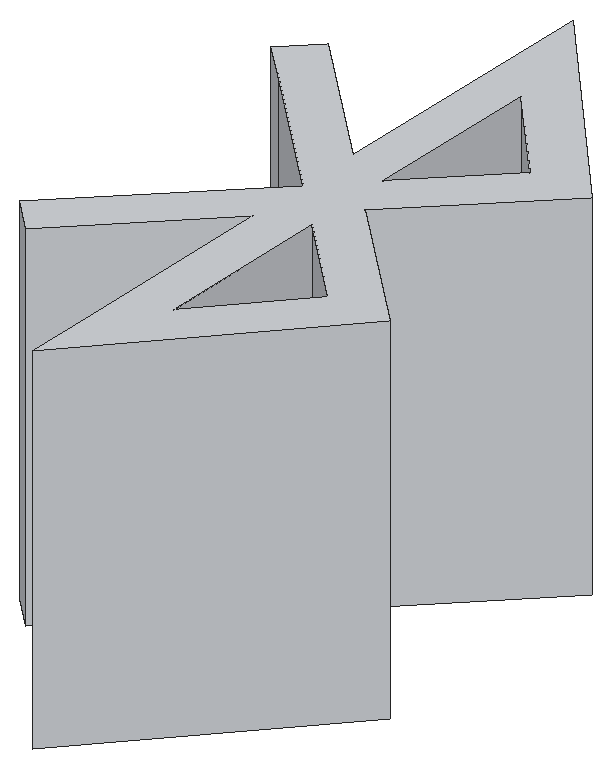
Revit family "Bluetooth_Beacon", category Furniture, Revit 2024
Family settings
  Work Plane-Based = No
  Enable Cutting in Views = Yes
  Always vertical = Yes
  Cut with Voids When Loaded = No
  Render Appearance Source = Family Geometry
  Shared = No
  Room Calculation Point = No
Parameters
  Material_Pared = none
  Height = 0 mm
  Default Elevation = 0 mm
Reference planes
  plane 1 "Center (Front/Back)": y = 0
  plane 2: z = 0
  plane 3 "Center (Left/Right)": x = 0
Forms (mm)
  Extrusion 1, solid, material <- "Material_Pared"
    sketch origin (0, 0, 0) x (1, 0, 0) y (0, 1, 0)
      loop
        line (0, 35) -> (-70.711, 105.711) -> (-88.211, 88.211) -> (-70.711, 70.711) -> (0, 0) -> (-70.711, -70.711) -> (-88.211, -88.211) -> (-70.711, -105.711) -> (0, -35) -> (0, -150) -> (0, -189.246) -> (105.711, -70.711) -> (35, 0) -> (105.711, 70.711) -> (0, 189.246) -> (0, 35)
      loop
        line (25, 25) -> (70.711, 70.711) -> (25, 121.967) -> (25, 25)
      loop
        line (25, -25) -> (25, -121.967) -> (70.711, -70.711) -> (25, -25)
    from 0 to 200
Dimensions and locks
  aligned and locked: level to plane 2
